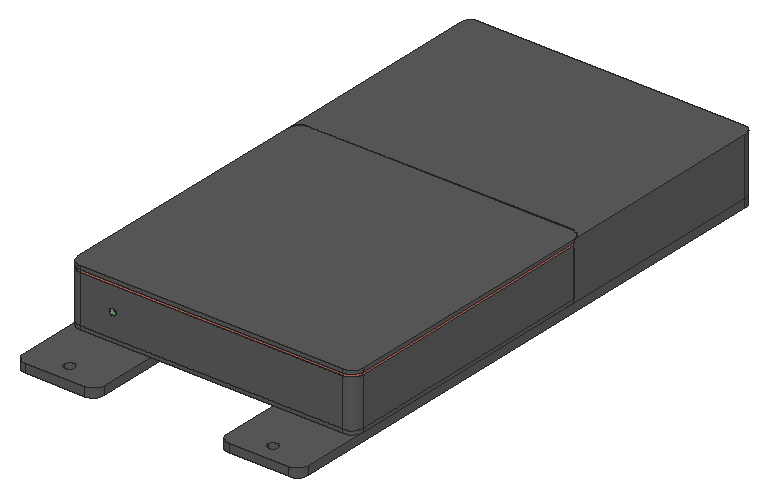
Revit family "Electronics_BYOM-Room-Solution_Biamp_MAX-Connect", category Communication Devices, host Face, Revit 2021
Family settings
  Host = Face
  Maintain Annotation Orientation = No
  Round Connector Dimension = Use Diameter
  Part Type = Normal
  OmniClass Number = 23.85.10.14.21
  OmniClass Title = Presentation Systems
  Cut with Voids When Loaded = No
  Shared = No
  Room Calculation Point = No
Parameters (values of type "MAX Connect")
  Without Mounting Plate [instance] = not(Mounting Plate)  # no
  Wireless Range = "Up to 30ft (10 m)"  # constant formula
  Width = 127 mm  # constant formula
  Weight = 1.20 lbf  # constant formula
  Voltage = 12 V
  Version = 1
  URL = "https://www.biamp.com/"
  Temperature Range = "68-140F (20-60C)"  # constant formula
  Product data url = "https://bimobject.com/biamp/product/max-connect-byom-room-solution"
  Product Page URL = "https://products.biamp.com/product-details/-/o/d/MAX-Connect/ecom-item/911.1972.900"
  Product Documentation Link = "https://use1-admin.rhyl.inforcloudsuite.com/assets/data/WYDZZE4LM6SYVY9T_TST/docs/Biamp_Data_Sheet_ModenaMAXConnect_Jun24_v4_10134.pdf"
  Power Factor = 1
  Number of Poles = 1
  Noise Level = "40–43dB(Background noise< 18db, 1M,mute room)"  # constant formula
  Mounting Plate [instance] = yes
  Mount Height [instance] = if(Mounting Plate, 3.81 mm, if(Without Mounting Plate, 1.27 mm, 0 mm))  # 3.81 mm
  Model = "MAX Connect"  # constant formula
  Maximum Transmit Power = "2.45dBm"  # constant formula
  Max Power Consumption = 7 W
  Manufacturer = "Biamp"  # constant formula
  Humidity = "10%–90 %"  # constant formula
  Housing Material = Biamp - Metal - Black
  Height = 25.4 mm  # constant formula
  Frequency Band = "2.4Ghz"  # constant formula
  Description = "MAX Connect BYOM Room Solution"  # constant formula
  Depth = 127 mm  # constant formula
  Default Elevation = 1219.2 mm
  Date Updated = ""
  Date Created = "2024/08/22"  # constant formula
  Cover [instance] = and(Mounting Plate, Cable Management Cover)  # yes
  Connector Description = "Power connector, 12V, 2A DC"  # constant formula
  Cable Management Cover Note [instance] = if(Mounting Plate, "Available", "Unavailable")  # "Available"
  Cable Management Cover [instance] = yes
  CM visibility [instance] = if(Without Mounting Plate, Cover, not(Cover))  # no
  Apparent Load = Max Power Consumption / Power Factor  # 7 VA
Reference planes
  plane 1 "Center (Front/Back)": y = 0
  plane 2: z = 0
  plane 3 "Center (Left/Right)": x = 0
  plane 4: y = 63.5
  plane 5: x = -63.5
  plane 6: x = 63.5
  plane 7: y = -63.5
  plane 8 "Host": z = 3.81
  plane 9: z = 29.21
Forms (mm)
  Extrusion 1, solid, material "Biamp - Metal - Black" <- "Housing Material", detail levels medium+fine
    sketch origin (0, 0, 3.81) x (-1, 0, 0) y (0, -1, 0)
      loop
        line (63.5, -58.42) -> (63.5, 58.42)
        arc (63.5, 58.42) -> (62.012, 62.012) -> (58.42, 63.5) r 5.08
        line (58.42, 63.5) -> (-58.42, 63.5)
        arc (-58.42, 63.5) -> (-62.012, 62.012) -> (-63.5, 58.42) r 5.08
        line (-63.5, 58.42) -> (-63.5, -58.42)
        arc (-63.5, -58.42) -> (-62.012, -62.012) -> (-58.42, -63.5) r 5.08
        line (-58.42, -63.5) -> (58.42, -63.5)
        arc (58.42, -63.5) -> (62.012, -62.012) -> (63.5, -58.42) r 5.08
    from 0 to 1.601
  Extrusion 2, solid, material "Biamp - Metal - Black" <- "Housing Material", detail levels medium+fine
    sketch origin (0, 0, 3.81) x (-1, 0, 0) y (0, -1, 0)
      loop
        line (63.5, -58.42) -> (63.5, 58.42)
        arc (63.5, 58.42) -> (62.012, 62.012) -> (58.42, 63.5) r 5.08
        line (58.42, 63.5) -> (-58.42, 63.5)
        arc (-58.42, 63.5) -> (-62.012, 62.012) -> (-63.5, 58.42) r 5.08
        line (-63.5, 58.42) -> (-63.5, -58.42)
        arc (-63.5, -58.42) -> (-62.012, -62.012) -> (-58.42, -63.5) r 5.08
        line (-58.42, -63.5) -> (58.42, -63.5)
        arc (58.42, -63.5) -> (62.012, -62.012) -> (63.5, -58.42) r 5.08
    from 24.086 to 25.4
  Extrusion 3, solid, material "Biamp - Plastic - Red", detail levels medium+fine
    sketch origin (0, 0, 3.81) x (-1, 0, 0) y (0, -1, 0)
      loop
        line (63.246, -58.42) -> (63.246, 58.42)
        arc (63.246, 58.42) -> (61.832, 61.832) -> (58.42, 63.246) r 4.826
        line (58.42, 63.246) -> (-58.42, 63.246)
        arc (-58.42, 63.246) -> (-61.832, 61.832) -> (-63.246, 58.42) r 4.826
        line (-63.246, 58.42) -> (-63.246, -58.42)
        arc (-63.246, -58.42) -> (-61.832, -61.832) -> (-58.42, -63.246) r 4.826
        line (-58.42, -63.246) -> (58.42, -63.246)
        arc (58.42, -63.246) -> (61.832, -61.832) -> (63.246, -58.42) r 4.826
    from 22.854 to 24.086
  Extrusion 4, solid, material "Biamp - Metal - Black" <- "Housing Material", detail levels medium+fine
    sketch origin (0, 0, 3.81) x (-1, 0, 0) y (0, -1, 0)
      loop
        line (63.5, -58.42) -> (63.5, 58.42)
        arc (63.5, 58.42) -> (62.012, 62.012) -> (58.42, 63.5) r 5.08
        line (58.42, 63.5) -> (-58.42, 63.5)
        arc (-58.42, 63.5) -> (-62.012, 62.012) -> (-63.5, 58.42) r 5.08
        line (-63.5, 58.42) -> (-63.5, -58.42)
        arc (-63.5, -58.42) -> (-62.012, -62.012) -> (-58.42, -63.5) r 5.08
        line (-58.42, -63.5) -> (58.42, -63.5)
        arc (58.42, -63.5) -> (62.012, -62.012) -> (63.5, -58.42) r 5.08
    from 1.601 to 22.854
  Extrusion 5, void
    sketch origin (0, 0, 0) x (1, 0, 0) y (0, 0, 1)
      loop
        circle (-44.012, 16.032) r 1.512
    from 60.871 to 63.5
  Extrusion 6, solid, material "Biamp - Plastic - Green", detail levels medium+fine
    sketch origin (0, 0, 0) x (1, 0, 0) y (0, 0, 1)
      loop
        circle (-44.015, 16.021) r 1.381
    from 60.871 to 63.5
  Extrusion 7, solid, material "Biamp - Metal - Black" <- "Housing Material", visible <- "Without Mounting Plate", detail levels medium+fine
    sketch origin (0, 0, 3.81) x (-1, 0, 0) y (0, -1, 0)
      loop
        circle (55.203, 48.344) r 5.08
      loop
        circle (55.203, -48.344) r 5.08
      loop
        circle (-55.203, 48.344) r 5.08
      loop
        circle (-55.203, -48.344) r 5.08
    from 0 to -1.27
  Extrusion 8, void
    sketch origin (0, 0, 0) x (1, 0, 0) y (0, 0, 1)
      loop
        circle (46.961, 15.022) r 2.677
      loop
        circle (37.323, 11.823) r 0.913
      loop
        line (10.076, 9.715) -> (10.076, 21.517) -> (4.849, 21.517) -> (4.849, 9.715) -> (10.076, 9.715)
      loop
        line (0.77, 9.715) -> (0.77, 21.517) -> (-4.457, 21.517) -> (-4.457, 9.715) -> (0.77, 9.715)
      loop
        line (-12.769, 24.067) -> (-16.178, 24.067) -> (-16.178, 10.929) -> (-12.769, 10.929) -> (-11.311, 13.011) -> (-11.311, 21.984) -> (-12.769, 24.067)
      loop
        line (-26.125, 24.067) -> (-29.534, 24.067) -> (-29.534, 10.929) -> (-26.125, 10.929) -> (-24.667, 13.011) -> (-24.667, 21.984) -> (-26.125, 24.067)
      loop
        line (-39.561, 13.074) -> (-44.633, 13.074)
        arc (-44.633, 13.074) -> (-46.312, 11.395) -> (-44.633, 9.715) r 1.679
        line (-44.633, 9.715) -> (-39.561, 9.715)
        arc (-39.561, 9.715) -> (-37.882, 11.395) -> (-39.561, 13.074) r 1.679
      loop
        line (29.465, 11.254) -> (29.465, 18.599) -> (26.632, 18.599) -> (26.632, 20.662) -> (20.282, 20.662) -> (20.282, 18.599) -> (17.638, 18.599) -> (17.638, 11.254) -> (29.465, 11.254)
      loop
        circle (-41.989, 17.156) r 0.85
    from -63.5 to -60.394
  Extrusion 9, solid, material "Biamp - Metal - Black" <- "Housing Material", visible <- "Mounting Plate", detail levels medium+fine
    sketch origin (0, 0, 3.81) x (-1, 0, 0) y (0, -1, 0)
      loop
        arc (58.42, -158.75) -> (62.012, -157.262) -> (63.5, -153.67) r 5.08
        line (63.5, -153.67) -> (63.5, 88.903)
        arc (63.5, 88.903) -> (62.013, 92.493) -> (58.423, 93.98) r 5.077
        line (58.423, 93.98) -> (32.195, 93.98)
        arc (32.195, 93.98) -> (28.673, 92.521) -> (27.214, 88.999) r 4.981
        line (27.214, 88.999) -> (27.214, -45.621)
        arc (27.214, -45.621) -> (25.733, -49.198) -> (22.157, -50.679) r 5.058
        line (22.157, -50.679) -> (-22.134, -50.679)
        arc (-22.134, -50.679) -> (-25.726, -49.191) -> (-27.214, -45.599) r 5.08
        line (-27.214, -45.599) -> (-27.214, 88.9)
        arc (-27.214, 88.9) -> (-28.702, 92.492) -> (-32.294, 93.98) r 5.08
        line (-32.294, 93.98) -> (-58.42, 93.98)
        arc (-58.42, 93.98) -> (-62.012, 92.492) -> (-63.5, 88.9) r 5.08
        line (-63.5, 88.9) -> (-63.5, -153.583)
        arc (-63.5, -153.583) -> (-61.987, -157.237) -> (-58.333, -158.75) r 5.167
        line (-58.333, -158.75) -> (58.42, -158.75)
      loop
        circle (45.309, 86.043) r 2.357
      loop
        circle (-45.309, 86.043) r 2.357
    from 0 to -3.81
  Extrusion 10, solid, material "Biamp - Metal - Black" <- "Housing Material", visible <- "Cover", detail levels medium+fine
    sketch origin (0, 0, 3.81) x (-1, 0, 0) y (0, -1, 0)
      loop
        line (-58.333, -158.75) -> (58.42, -158.75)
        arc (58.42, -158.75) -> (62.012, -157.262) -> (63.5, -153.67) r 5.08
        line (63.5, -153.67) -> (63.5, -58.42)
        arc (63.5, -58.42) -> (62.012, -62.012) -> (58.42, -63.5) r 5.08
        line (58.42, -63.5) -> (-58.333, -63.5)
        arc (-58.333, -63.5) -> (-61.987, -61.987) -> (-63.5, -58.333) r 5.167
        line (-63.5, -58.333) -> (-63.5, -153.583)
        arc (-63.5, -153.583) -> (-61.987, -157.237) -> (-58.333, -158.75) r 5.167
    from 0 to 25.4
  Extrusion 11, solid, material "Biamp - Metal - Black" <- "Housing Material", detail levels coarse
    sketch origin (0, 0, 3.81) x (-1, 0, 0) y (0, -1, 0)
      loop
        line (63.5, -63.5) -> (63.5, 63.5) -> (-63.5, 63.5) -> (-63.5, -63.5) -> (63.5, -63.5)
    from 0 to 25.4
  Extrusion 12, solid, material "Biamp - Metal - Black" <- "Housing Material", visible <- "Cover", detail levels coarse
    sketch origin (0, 0, 3.81) x (-1, 0, 0) y (0, -1, 0)
      loop
        line (-63.5, -158.75) -> (63.5, -158.75) -> (63.5, -63.5) -> (-63.5, -63.5) -> (-63.5, -158.75)
    from 0 to 25.4
  Extrusion 13, solid, material "Biamp - Metal - Black" <- "Housing Material", visible <- "Mounting Plate", detail levels coarse
    sketch origin (0, 0, 3.81) x (-1, 0, 0) y (0, -1, 0)
      loop
        line (-63.5, -158.75) -> (63.5, -158.75) -> (63.5, 93.98) -> (27.214, 93.98) -> (27.214, -50.679) -> (-27.214, -50.679) -> (-27.214, 93.98) -> (-63.5, 93.98) -> (-63.5, -158.75)
    from 0 to -3.81
  Extrusion 14, solid, material "Biamp - Metal - Black" <- "Housing Material", visible <- "Without Mounting Plate", detail levels coarse
    sketch origin (0, 0, 3.81) x (-1, 0, 0) y (0, -1, 0)
      loop
        circle (55.203, 48.344) r 5.08
      loop
        circle (55.203, -48.344) r 5.08
      loop
        circle (-55.203, 48.344) r 5.08
      loop
        circle (-55.203, -48.344) r 5.08
    from 0 to -1.27
  Extrusion 15, solid, material "Biamp - Metal - Black" <- "Housing Material", visible <- "Mounting Plate", detail levels medium+fine
    sketch origin (0, 0, 3.81) x (-1, 0, 0) y (0, -1, 0)
      loop
        line (-57.457, -131.25) -> (-57.457, -158.75) -> (57.543, -158.75) -> (57.543, -131.25) -> (-57.457, -131.25)
    from 0 to 10
  Extrusion 16, solid, material "Biamp - Metal - Black" <- "Housing Material", visible <- "Mounting Plate", detail levels medium+fine
    sketch origin (0, 0, 0) x (1, 0, 0) y (0, 1, 0)
      loop
        line (-26.844, 132.694) -> (-26.844, 135.895) -> (-34.64, 135.895) -> (-34.64, 132.694) -> (-26.844, 132.694)
      loop
        line (-16.257, 132.694) -> (-16.257, 139.998) -> (-21.257, 139.998) -> (-21.257, 132.694) -> (-16.257, 132.694)
      loop
        line (-5.506, 132.694) -> (-5.506, 135.895) -> (-10.266, 135.895) -> (-10.266, 132.694) -> (-5.506, 132.694)
      loop
        line (3.932, 132.694) -> (3.932, 139.998) -> (-0.418, 139.998) -> (-0.418, 132.694) -> (3.932, 132.694)
      loop
        line (14.272, 132.694) -> (14.272, 135.895) -> (8.445, 135.895) -> (8.445, 132.694) -> (14.272, 132.694)
      loop
        line (28.224, 132.694) -> (44.555, 132.694) -> (44.555, 135.895) -> (28.224, 135.895) -> (28.224, 132.694)
      loop
        line (49.561, 153.457) -> (49.561, 157.971) -> (44.555, 157.971) -> (44.555, 153.457) -> (49.561, 153.457)
      loop
        line (23.546, 153.457) -> (23.546, 157.971) -> (17.227, 157.971) -> (17.227, 153.457) -> (23.546, 153.457)
      loop
        line (9.266, 153.457) -> (9.266, 157.971) -> (-6.819, 157.971) -> (-6.819, 153.457) -> (9.266, 153.457)
      loop
        line (-11.497, 153.457) -> (-11.497, 157.971) -> (-18.144, 157.971) -> (-18.144, 153.457) -> (-11.497, 153.457)
      loop
        line (-27.993, 153.457) -> (-27.993, 157.971) -> (-34.64, 157.971) -> (-34.64, 153.457) -> (-27.993, 153.457)
      loop
        line (-56.306, 132.694) -> (-46.376, 132.694) -> (-46.376, 135.895) -> (-56.306, 135.895) -> (-56.306, 132.694)
    from 13.81 to 20
  Extrusion 17, void
    sketch origin (58.333, 158.75, 3.81) x (1, 0, 0) y (0, 0, 1)
      loop
        line (-115.877, 0) -> (-0.877, 0) -> (-0.877, 22.642) -> (-55.675, 22.642) -> (-115.877, 22.642) -> (-115.877, 0)
    from 0 to 95.25
  Extrusion 18, solid, material "Biamp - Metal - Black" <- "Housing Material", visible <- "Cover", detail levels medium+fine
    sketch origin (-58.42, 158.75, 3.81) x (1, 0, 0) y (0, 0, -1)
      loop
        line (58.317, -22.642) -> (61.391, -22.642) -> (61.391, -10) -> (58.317, -10) -> (58.317, -22.642)
    from -0.779 to 0
  Extrusion 19, solid, material "Biamp - Metal - Black" <- "Housing Material", visible <- "Mounting Plate", detail levels coarse
    sketch origin (0, 0, 3.81) x (-1, 0, 0) y (0, -1, 0)
      loop
        line (-57.457, -131.25) -> (-57.457, -158.75) -> (57.543, -158.75) -> (57.543, -131.25) -> (-57.457, -131.25)
    from 0 to 16.2
Cuts and joins
  Extrusion 5, Extrusion 8 cuts Extrusion 4
  Extrusion 17 cuts Extrusion 9
  joined: Extrusion 9, Extrusion 15
  Extrusion 17 cuts Extrusion 10
  joined: Extrusion 10, Extrusion 18
  Extrusion 17 cuts Extrusion 12
  Extrusion 17 cuts Extrusion 13
Lines and regions (mm)
  Masking region 1, detail levels medium+fine
    outline origin (0, 0, 3.81) x (-1, 0, 0) y (0, -1, 0)
      loop
        line (63.5, -58.42) -> (63.5, 58.42)
        arc (63.5, 58.42) -> (62.012, 62.012) -> (58.42, 63.5) r 5.08
        line (58.42, 63.5) -> (-58.42, 63.5)
        arc (-58.42, 63.5) -> (-62.012, 62.012) -> (-63.5, 58.42) r 5.08
        line (-63.5, 58.42) -> (-63.5, -58.333)
        arc (-63.5, -58.333) -> (-61.987, -61.987) -> (-58.333, -63.5) r 5.167
        line (-58.333, -63.5) -> (58.42, -63.5)
        arc (58.42, -63.5) -> (62.012, -62.012) -> (63.5, -58.42) r 5.08
  Masking region 2, detail levels coarse
    outline origin (0, 0, 3.81) x (-1, 0, 0) y (0, -1, 0)
      loop
        line (63.5, 63.5) -> (-63.5, 63.5) -> (-63.5, -63.5) -> (63.5, -63.5) -> (63.5, 63.5)
  Masking region 3, visible <- "Mounting Plate", detail levels coarse
    outline origin (0, 0, 3.81) x (-1, 0, 0) y (0, -1, 0)
      loop
        line (63.5, -158.75) -> (63.5, -63.5) -> (-63.5, -63.5) -> (-63.5, -158.75) -> (63.5, -158.75)
      loop
        line (63.5, 63.5) -> (63.5, 93.98) -> (27.214, 93.98) -> (27.214, 63.5) -> (63.5, 63.5)
      loop
        line (-27.214, 93.98) -> (-63.5, 93.98) -> (-63.5, 63.5) -> (-27.214, 63.5) -> (-27.214, 93.98)
  Masking region 4, visible <- "Mounting Plate", detail levels medium+fine
    outline origin (0, 0, 3.81) x (-1, 0, 0) y (0, -1, 0)
      loop
        arc (58.42, -158.75) -> (62.012, -157.262) -> (63.5, -153.67) r 5.08
        line (63.5, -153.67) -> (63.5, -58.42)
        arc (63.5, -58.42) -> (62.012, -62.012) -> (58.42, -63.5) r 5.08
        line (58.42, -63.5) -> (-58.333, -63.5)
        arc (-58.333, -63.5) -> (-61.987, -61.987) -> (-63.5, -58.333) r 5.167
        line (-63.5, -58.333) -> (-63.5, -153.583)
        arc (-63.5, -153.583) -> (-61.987, -157.237) -> (-58.333, -158.75) r 5.167
        line (-58.333, -158.75) -> (58.42, -158.75)
      loop
        arc (63.5, 88.903) -> (62.013, 92.493) -> (58.423, 93.98) r 5.077
        line (58.423, 93.98) -> (32.195, 93.98)
        arc (32.195, 93.98) -> (28.673, 92.521) -> (27.214, 88.999) r 4.981
        line (27.214, 88.999) -> (27.214, 63.5) -> (58.42, 63.5)
        arc (58.42, 63.5) -> (62.012, 62.012) -> (63.5, 58.42) r 5.08
        line (63.5, 58.42) -> (63.5, 88.903)
      loop
        line (-27.214, 63.5) -> (-27.214, 88.9)
        arc (-27.214, 88.9) -> (-28.702, 92.492) -> (-32.294, 93.98) r 5.08
        line (-32.294, 93.98) -> (-58.42, 93.98)
        arc (-58.42, 93.98) -> (-62.012, 92.492) -> (-63.5, 88.9) r 5.08
        line (-63.5, 88.9) -> (-63.5, 58.42)
        arc (-63.5, 58.42) -> (-62.012, 62.012) -> (-58.42, 63.5) r 5.08
        line (-58.42, 63.5) -> (-27.214, 63.5)
  Masking region 5
    outline origin (0, 0, 0) x (1, 0, 0) y (0, 0, 1)
      loop
        line (-63.5, 29.21) -> (-63.5, 3.81) -> (63.5, 3.81) -> (63.5, 29.21) -> (-63.5, 29.21)
  Masking region 6, visible <- "Mounting Plate"
    outline origin (0, 0, 0) x (1, 0, 0) y (0, 0, 1)
      loop
        line (-63.5, 3.81) -> (-63.5, 0) -> (63.5, 0) -> (63.5, 3.81) -> (-63.5, 3.81)
  Masking region 7, visible <- "Without Mounting Plate"
    outline origin (0, 0, 0) x (1, 0, 0) y (0, 0, 1)
      loop
        line (-60.283, 3.81) -> (-60.283, 2.54) -> (-50.123, 2.54) -> (-50.123, 3.81) -> (-60.283, 3.81)
      loop
        line (50.123, 3.81) -> (50.123, 2.54) -> (60.283, 2.54) -> (60.283, 3.81) -> (50.123, 3.81)
  model lines, style "White Line", detail levels medium+fine
    curve 1: arc (-44.474, -63.5, 12.252) -> (-43.939, -63.5, 10.446) -> (-43.595, -63.5, 12.297) r 0.968
    curve 2: line (-44.024, -63.5, 12.701) -> (-44.024, -63.5, 11.738)
  symbolic lines, visible <- "CM visibility", detail levels medium+fine
    curve 3: line (-63.5, 0, 27.896) -> (63.5, 0, 27.896)
    curve 4: line (63.5, 0, 26.664) -> (-63.5, 0, 26.664)
    curve 5: line (-63.5, 0, 5.411) -> (-57.543, 0, 5.411)
    curve 8: line (-56.306, 135.895, 3.81) -> (-46.376, 135.895, 3.81)
    curve 9: line (-56.306, 132.694, 3.81) -> (-56.306, 135.895, 3.81)
    curve 10: line (-46.376, 132.694, 3.81) -> (-56.306, 132.694, 3.81)
    curve 11: line (-46.376, 135.895, 3.81) -> (-46.376, 132.694, 3.81)
    curve 12: line (-34.64, 135.895, 3.81) -> (-26.844, 135.895, 3.81)
    curve 13: line (-34.64, 132.694, 3.81) -> (-34.64, 135.895, 3.81)
    curve 14: line (-26.844, 132.694, 3.81) -> (-34.64, 132.694, 3.81)
    curve 15: line (-26.844, 135.895, 3.81) -> (-26.844, 132.694, 3.81)
    curve 16: line (-34.64, 157.971, 3.81) -> (-27.993, 157.971, 3.81)
    curve 17: line (-34.64, 153.457, 3.81) -> (-34.64, 157.971, 3.81)
    curve 18: line (-27.993, 153.457, 3.81) -> (-34.64, 153.457, 3.81)
    curve 19: line (-27.993, 157.971, 3.81) -> (-27.993, 153.457, 3.81)
    curve 20: line (-18.144, 157.971, 3.81) -> (-11.497, 157.971, 3.81)
    curve 21: line (-18.144, 153.457, 3.81) -> (-18.144, 157.971, 3.81)
    curve 22: line (-11.497, 153.457, 3.81) -> (-18.144, 153.457, 3.81)
    curve 23: line (-11.497, 157.971, 3.81) -> (-11.497, 153.457, 3.81)
    curve 24: line (-21.257, 139.998, 3.81) -> (-16.257, 139.998, 3.81)
    curve 25: line (-21.257, 132.694, 3.81) -> (-21.257, 139.998, 3.81)
    curve 26: line (-16.257, 132.694, 3.81) -> (-21.257, 132.694, 3.81)
    curve 27: line (-16.257, 139.998, 3.81) -> (-16.257, 132.694, 3.81)
    curve 28: line (-10.266, 135.895, 3.81) -> (-5.506, 135.895, 3.81)
    curve 29: line (-10.266, 132.694, 3.81) -> (-10.266, 135.895, 3.81)
    curve 30: line (-5.506, 132.694, 3.81) -> (-10.266, 132.694, 3.81)
    curve 31: line (-5.506, 135.895, 3.81) -> (-5.506, 132.694, 3.81)
    curve 32: line (-6.819, 157.971, 3.81) -> (9.266, 157.971, 3.81)
    curve 33: line (-6.819, 153.457, 3.81) -> (-6.819, 157.971, 3.81)
    curve 34: line (9.266, 153.457, 3.81) -> (-6.819, 153.457, 3.81)
    curve 35: line (9.266, 157.971, 3.81) -> (9.266, 153.457, 3.81)
    curve 36: line (-0.418, 139.998, 3.81) -> (3.932, 139.998, 3.81)
    curve 37: line (-0.418, 132.694, 3.81) -> (-0.418, 139.998, 3.81)
    curve 38: line (3.932, 132.694, 3.81) -> (-0.418, 132.694, 3.81)
    curve 39: line (3.932, 139.998, 3.81) -> (3.932, 132.694, 3.81)
    curve 40: line (8.445, 135.895, 3.81) -> (14.272, 135.895, 3.81)
    curve 41: line (8.445, 132.694, 3.81) -> (8.445, 135.895, 3.81)
    curve 42: line (14.272, 132.694, 3.81) -> (8.445, 132.694, 3.81)
    curve 43: line (14.272, 135.895, 3.81) -> (14.272, 132.694, 3.81)
    curve 44: line (17.227, 157.971, 3.81) -> (23.546, 157.971, 3.81)
    curve 45: line (17.227, 153.457, 3.81) -> (17.227, 157.971, 3.81)
    curve 46: line (23.546, 153.457, 3.81) -> (17.227, 153.457, 3.81)
    curve 47: line (23.546, 157.971, 3.81) -> (23.546, 153.457, 3.81)
    curve 48: line (44.555, 157.971, 3.81) -> (49.561, 157.971, 3.81)
    curve 49: line (44.555, 153.457, 3.81) -> (44.555, 157.971, 3.81)
    curve 50: line (49.561, 153.457, 3.81) -> (44.555, 153.457, 3.81)
    curve 51: line (49.561, 157.971, 3.81) -> (49.561, 153.457, 3.81)
    curve 52: line (28.224, 135.895, 3.81) -> (44.555, 135.895, 3.81)
    curve 53: line (28.224, 132.694, 3.81) -> (28.224, 135.895, 3.81)
    curve 54: line (44.555, 132.694, 3.81) -> (28.224, 132.694, 3.81)
    curve 55: line (44.555, 135.895, 3.81) -> (44.555, 132.694, 3.81)
    curve 62: line (49.561, 0, 20) -> (28.224, 0, 20)
    curve 63: line (49.561, 0, 13.81) -> (49.561, 0, 20)
    curve 64: line (28.224, 0, 20) -> (28.224, 0, 13.81)
    curve 65: line (23.546, 0, 20) -> (17.227, 0, 20)
    curve 66: line (23.546, 0, 13.81) -> (23.546, 0, 20)
    curve 67: line (17.227, 0, 20) -> (17.227, 0, 13.81)
    curve 68: line (14.272, 0, 20) -> (-10.266, 0, 20)
    curve 69: line (14.272, 0, 13.81) -> (14.272, 0, 20)
    curve 70: line (-10.266, 0, 20) -> (-10.266, 0, 13.81)
    curve 71: line (-11.497, 0, 20) -> (-21.257, 0, 20)
    curve 72: line (-11.497, 0, 13.81) -> (-11.497, 0, 20)
    curve 73: line (-21.257, 0, 20) -> (-21.257, 0, 13.81)
    curve 74: line (-26.844, 0, 20) -> (-34.64, 0, 20)
    curve 75: line (-26.844, 0, 13.81) -> (-26.844, 0, 20)
    curve 76: line (-34.64, 0, 20) -> (-34.64, 0, 13.81)
    curve 77: line (-46.376, 0, 20) -> (-56.306, 0, 20)
    curve 78: line (-46.376, 0, 13.81) -> (-46.376, 0, 20)
    curve 79: line (-56.306, 0, 20) -> (-56.306, 0, 13.81)
    curve 80: line (57.457, 0, 3.81) -> (57.457, 0, 13.81)
    curve 81: line (57.457, 0, 13.81) -> (-57.543, 0, 13.81)
    curve 82: line (-57.543, 0, 13.81) -> (-57.543, 0, 3.81)
    curve 83: line (57.457, 0, 5.411) -> (63.5, 0, 5.411)
  symbolic lines, visible <- "Mounting Plate"
    curve 6: line (-27.214, 0, 3.81) -> (-27.214, 0, 0)
    curve 7: line (27.214, 0, 3.81) -> (27.214, 0, 0)
  symbolic lines, visible <- "CM visibility"
    curve 56: line (57.5, 131.25, 3.81) -> (-57.5, 131.25, 3.81)
    curve 57: line (-57.5, 131.25, 3.81) -> (-57.5, 158.75, 3.81)
    curve 58: line (57.5, 131.25, 3.81) -> (57.5, 158.75, 3.81)
  symbolic lines, visible <- "CM visibility", detail levels coarse
    curve 59: line (57.5, 131.25, 3.81) -> (-57.5, 131.25, 3.81)
    curve 60: line (-57.5, 131.25, 3.81) -> (-57.5, 158.75, 3.81)
    curve 61: line (57.5, 131.25, 3.81) -> (57.5, 158.75, 3.81)
    curve 112: line (57.457, 0, 19.81) -> (57.457, 0, 3.81)
    curve 113: line (-57.543, 0, 19.81) -> (-57.543, 0, 3.81)
  symbolic lines, visible <- "Cover"
    curve 84: line (57.457, 0, 3.81) -> (57.457, 0, 26.546)
    curve 86: line (-57.543, 0, 26.546) -> (-57.543, 0, 3.81)
  symbolic lines, visible <- "Cover", detail levels medium+fine
    curve 85: line (57.457, 0, 26.546) -> (1.641, 0, 26.546)
    curve 87: line (57.457, 0, 13.748) -> (-57.543, 0, 13.748)
    curve 88: line (49.307, 0, 20) -> (27.969, 0, 20)
    curve 89: line (49.307, 0, 13.81) -> (49.307, 0, 20)
    curve 90: line (27.969, 0, 20) -> (27.969, 0, 13.81)
    curve 91: line (23.291, 0, 20) -> (16.972, 0, 20)
    curve 92: line (23.291, 0, 13.81) -> (23.291, 0, 20)
    curve 93: line (16.972, 0, 20) -> (16.972, 0, 13.81)
    curve 94: line (14.018, 0, 20) -> (1.641, 0, 20)
    curve 95: line (14.018, 0, 13.81) -> (14.018, 0, 20)
    curve 96: line (-10.521, 0, 20) -> (-10.521, 0, 13.81)
    curve 97: line (-11.752, 0, 20) -> (-21.511, 0, 20)
    curve 98: line (-11.752, 0, 13.81) -> (-11.752, 0, 20)
    curve 99: line (-21.511, 0, 20) -> (-21.511, 0, 13.81)
    curve 100: line (-27.098, 0, 20) -> (-34.895, 0, 20)
    curve 101: line (-27.098, 0, 13.81) -> (-27.098, 0, 20)
    curve 102: line (-34.895, 0, 20) -> (-34.895, 0, 13.81)
    curve 103: line (-46.63, 0, 20) -> (-56.56, 0, 20)
    curve 104: line (-46.63, 0, 13.81) -> (-46.63, 0, 20)
    curve 105: line (-56.56, 0, 20) -> (-56.56, 0, 13.81)
    curve 106: line (1.641, 0, 13.748) -> (1.641, 0, 26.546)
    curve 107: line (-1.641, 0, 13.748) -> (-1.641, 0, 26.546)
    curve 108: line (-1.641, 0, 20) -> (-10.521, 0, 20)
    curve 109: line (-1.641, 0, 26.546) -> (-57.543, 0, 26.546)
  symbolic lines, visible <- "Cover", detail levels coarse
    curve 110: line (57.457, 0, 26.546) -> (-57.543, 0, 26.546)
  symbolic lines, visible <- "Mounting Plate", detail levels coarse
    curve 111: line (57.457, 0, 19.81) -> (-57.543, 0, 19.81)
Dimensions and locks
  equal spacing: plane 7, plane 1 "Center (Front/Back)", plane 4
  equal spacing: plane 5, plane 3 "Center (Left/Right)", plane 6
  "Width": plane 5 to plane 6
  "Depth": plane 4 to plane 7
  "Height": plane 9 to plane 8 "Host"
  "Mount Height": plane 8 "Host" to level
  locked: Extrusion 5 sketch curve to plane 5 at 19.488
  locked: Extrusion 5 sketch curve to plane 8 "Host" at 12.222
  locked: Extrusion 6 sketch curve to plane 8 "Host" at 12.211
  locked: Extrusion 6 sketch curve to plane 5 at 19.485
  plane 8 "Host" to Extrusion 8 sketch curve to Extrusion 8 sketch curve to Extrusion 8 sketch curve to Extrusion 8 sketch curve to Extrusion 8 sketch curve to Extrusion 8 sketch curve to Extrusion 8 sketch curve to Extrusion 8 sketch curve to Extrusion 8 sketch curve to Extrusion 8 sketch curve to Extrusion 8 sketch curve to Extrusion 8 sketch curve to Extrusion 8 sketch curve to Extrusion 8 sketch curve to Extrusion 8 sketch curve to Extrusion 8 sketch curve = 5.905 mm locked, 0 mm locked, 1.213 mm locked, 0 mm locked, 0 mm locked, 0 mm locked, 2.083 mm locked, 0 mm locked, 0.063 mm locked, 0 mm locked, 8.91 mm locked, 0 mm locked, 2.083 mm locked, 0 mm locked, 0 mm locked, 0 mm locked
  plane 8 "Host" to Extrusion 8 sketch curve to Extrusion 8 sketch curve to Extrusion 8 sketch curve to Extrusion 8 sketch curve to Extrusion 8 sketch curve to Extrusion 8 sketch curve to Extrusion 8 sketch curve to Extrusion 8 sketch curve to Extrusion 8 sketch curve to Extrusion 8 sketch curve to Extrusion 8 sketch curve to Extrusion 8 sketch curve to Extrusion 8 sketch curve to Extrusion 8 sketch curve to Extrusion 8 sketch curve to Extrusion 8 sketch curve = 5.905 mm locked, 0 mm locked, 0 mm locked, 0 mm locked, 1.539 mm locked, 0 mm locked, 7.345 mm locked, 0 mm locked, 0 mm locked, 0 mm locked, 2.063 mm locked, 0 mm locked, 0.855 mm locked, 0 mm locked, 0 mm locked, 0 mm locked
  plane 8 "Host" to Extrusion 8 sketch curve to Extrusion 8 sketch curve = 8.013 mm locked, 3.199 mm locked
  Extrusion 9 sketch curve to Extrusion 9 sketch curve to Extrusion 9 sketch curve to Extrusion 9 sketch curve to plane 4 to Extrusion 9 sketch curve to Extrusion 9 sketch curve to Extrusion 9 sketch curve to Extrusion 9 sketch curve = 0 mm locked, 5.08 mm locked, 0.087 mm locked, 90.083 mm locked, 12.821 mm locked, 0 mm locked, 5.058 mm locked, 0.022 mm locked
  plane 8 "Host" to Extrusion 13 to Extrusion 9 = 3.81 mm locked, 0 mm locked
  plane 8 "Host" to Extrusion 14 to Extrusion 7 = 1.27 mm locked, 0 mm locked
  plane 8 "Host" to Masking region 7 sketch curve to Masking region 7 sketch curve to Masking region 7 sketch curve to Masking region 7 sketch curve = 1.27 mm locked, 0 mm locked, 0 mm locked, 0 mm locked
  plane 8 "Host" to Masking region 6 sketch curve to Masking region 6 sketch curve = 3.81 mm locked, 0 mm locked
  aligned and locked: plane 2 to host face
  aligned and locked: level to host face
  aligned and locked: Extrusion 1 sketch curve to plane 7
  aligned and locked: Extrusion 1 sketch curve to plane 4
  aligned and locked: Extrusion 1 sketch curve to plane 6
  aligned and locked: Extrusion 1 sketch curve to plane 5
  aligned and locked: Extrusion 11 sketch curve to plane 7
  aligned and locked: Extrusion 11 sketch curve to plane 6
  aligned and locked: Extrusion 11 sketch curve to plane 5
  aligned and locked: Extrusion 11 sketch curve to plane 4
  aligned and locked: Masking region 2 sketch curve to plane 7
  aligned and locked: plane 4 to Masking region 2 sketch curve
  aligned and locked: Masking region 2 sketch curve to plane 5
  aligned and locked: plane 6 to Masking region 2 sketch curve
  aligned and locked: plane 8 "Host" to Masking region 5 sketch curve
  aligned and locked: Masking region 5 sketch curve to plane 9
  aligned and locked: plane 5 to Masking region 5 sketch curve
  aligned and locked: Masking region 5 sketch curve to plane 6
  aligned and locked: Masking region 7 sketch curve to plane 8 "Host"  (x2)
  aligned and locked: Masking region 6 sketch curve to plane 8 "Host"
Automatic sketch dimensions
  host sketch curve to host sketch curve = 2438.4 mm  (x2)
  Extrusion 1 sketch curve to Extrusion 1 sketch curve = 5.08 mm
  Extrusion 1 sketch curve to plane 6 = 5.08 mm
  plane 5 to Extrusion 1 sketch curve = 5.08 mm  (x2)
  Extrusion 2 sketch curve to plane 6 = 0 mm
  Extrusion 2 sketch curve to plane 4 = 0 mm
  Extrusion 2 sketch curve to plane 7 = 0 mm
  Extrusion 2 sketch curve to plane 5 = 0 mm
  Extrusion 2 sketch curve to Extrusion 2 sketch curve = 5.08 mm
  Extrusion 2 sketch curve to plane 6 = 5.08 mm
  plane 5 to Extrusion 2 sketch curve = 5.08 mm  (x2)
  Extrusion 3 sketch curve to plane 6 = 0.254 mm
  plane 7 to Extrusion 3 sketch curve = 0.254 mm
  Extrusion 3 sketch curve to plane 6 = 5.08 mm  (x2)
  Extrusion 3 sketch curve to plane 4 = 0.254 mm
  plane 5 to Extrusion 3 sketch curve = 5.08 mm  (x2)
  plane 5 to Extrusion 3 sketch curve = 0.254 mm
  Extrusion 4 sketch curve to plane 6 = 0 mm
  Extrusion 4 sketch curve to plane 4 = 0 mm
  Extrusion 4 sketch curve to plane 7 = 0 mm
  Extrusion 4 sketch curve to plane 5 = 0 mm
  Extrusion 4 sketch curve to Extrusion 4 sketch curve = 5.08 mm
  Extrusion 4 sketch curve to plane 6 = 5.08 mm
  plane 5 to Extrusion 4 sketch curve = 5.08 mm  (x2)
  Extrusion 7 sketch curve to plane 6 = 8.297 mm  (x2)
  plane 5 to Extrusion 7 sketch curve = 8.297 mm  (x2)
  Extrusion 7 sketch curve to plane 4 = 15.156 mm  (x2)
  plane 7 to Extrusion 7 sketch curve = 15.156 mm  (x2)
  Extrusion 9 sketch curve to plane 6 = 0 mm
  Extrusion 9 sketch curve to plane 5 = 0 mm
  Extrusion 9 sketch curve to Extrusion 9 sketch curve = 5.08 mm  (x2)
  Extrusion 9 sketch curve to Extrusion 9 sketch curve = 13.111 mm
  Extrusion 9 sketch curve to Extrusion 9 sketch curve = 13.015 mm
  Extrusion 9 sketch curve to plane 3 "Center (Left/Right)" = 22.157 mm
  Extrusion 9 sketch curve to Extrusion 9 sketch curve = 4.981 mm
  Extrusion 9 sketch curve to Extrusion 9 sketch curve = 13.114 mm
  plane 5 to Extrusion 9 sketch curve = 5.077 mm
  Extrusion 9 sketch curve to plane 7 = 22.542 mm  (x2)
  Extrusion 9 sketch curve to Extrusion 9 sketch curve = 2.858 mm
  Extrusion 9 sketch curve to Extrusion 9 sketch curve = 2.861 mm
  Extrusion 10 sketch curve to plane 6 = 0 mm  (x2)
  Extrusion 10 sketch curve to plane 4 = 0 mm
  Extrusion 10 sketch curve to plane 5 = 0 mm  (x2)
  Extrusion 10 sketch curve to Extrusion 10 sketch curve = 5.167 mm  (x2)
  plane 5 to Extrusion 10 sketch curve = 5.08 mm  (x2)
  plane 4 to Extrusion 10 sketch curve = 90.083 mm
  Extrusion 10 sketch curve to Extrusion 10 sketch curve = 0 mm  (x2)
  Extrusion 12 sketch curve to plane 4 = 0 mm
  Extrusion 12 sketch curve to plane 6 = 0 mm
  Extrusion 12 sketch curve to plane 5 = 0 mm
  Extrusion 12 sketch curve to Extrusion 12 sketch curve = 95.25 mm
  Extrusion 13 sketch curve to plane 6 = 0 mm
  Extrusion 13 sketch curve to plane 5 = 0 mm
  plane 3 "Center (Left/Right)" to Extrusion 13 sketch curve = 27.214 mm
  Extrusion 13 sketch curve to plane 4 = 12.821 mm
  Extrusion 13 sketch curve to plane 3 "Center (Left/Right)" = 27.214 mm
  plane 4 to Extrusion 13 sketch curve = 95.25 mm
  Extrusion 13 sketch curve to plane 7 = 30.48 mm  (x2)
  Extrusion 14 sketch curve to plane 6 = 8.297 mm  (x2)
  plane 5 to Extrusion 14 sketch curve = 8.297 mm  (x2)
  Extrusion 14 sketch curve to plane 4 = 15.156 mm  (x2)
  plane 7 to Extrusion 14 sketch curve = 15.156 mm  (x2)
  Masking region 1 sketch curve to plane 6 = 0 mm
  Masking region 1 sketch curve to plane 7 = 0 mm
  Masking region 1 sketch curve to plane 4 = 0 mm
  Masking region 1 sketch curve to plane 5 = 0 mm
  Masking region 1 sketch curve to plane 6 = 5.08 mm
  Masking region 1 sketch curve to plane 6 = 5.167 mm
  plane 5 to Masking region 1 sketch curve = 5.08 mm
  Masking region 1 sketch curve to Masking region 1 sketch curve = 5.08 mm
  Masking region 3 sketch curve to plane 6 = 0 mm  (x2)
  Masking region 3 sketch curve to plane 7 = 0 mm  (x2)
  Masking region 3 sketch curve to plane 5 = 0 mm  (x2)
  Masking region 3 sketch curve to plane 4 = 0 mm
  plane 3 "Center (Left/Right)" to Masking region 3 sketch curve = 27.214 mm
  Masking region 3 sketch curve to plane 3 "Center (Left/Right)" = 27.214 mm
  plane 4 to Masking region 3 sketch curve = 95.25 mm
  Masking region 3 sketch curve to plane 7 = 30.48 mm  (x2)
  Masking region 4 sketch curve to plane 6 = 0 mm  (x4)
  Masking region 4 sketch curve to plane 7 = 0 mm  (x2)
  Masking region 4 sketch curve to plane 4 = 0 mm
  Masking region 4 sketch curve to plane 5 = 0 mm  (x4)
  Masking region 4 sketch curve to Masking region 4 sketch curve = 5.08 mm  (x4)
  Masking region 4 sketch curve to Masking region 4 sketch curve = 5.167 mm
  Masking region 4 sketch curve to plane 6 = 5.167 mm
  Masking region 4 sketch curve to Masking region 4 sketch curve = 26.126 mm
  Masking region 4 sketch curve to plane 3 "Center (Left/Right)" = 27.214 mm
  Masking region 4 sketch curve to Masking region 4 sketch curve = 4.981 mm
  plane 5 to Masking region 4 sketch curve = 5.08 mm  (x2)
  plane 5 to Masking region 4 sketch curve = 5.077 mm
  Masking region 4 sketch curve to Masking region 4 sketch curve = 90.083 mm
  Masking region 4 sketch curve to plane 7 = 25.4 mm
  Masking region 4 sketch curve to plane 7 = 25.403 mm
  Masking region 4 sketch curve to Masking region 4 sketch curve = 0 mm  (x7)
  Masking region 6 sketch curve to plane 5 = 0 mm
  Masking region 6 sketch curve to plane 6 = 0 mm
  plane 5 to Masking region 7 sketch curve = 3.217 mm
  Masking region 7 sketch curve to Masking region 7 sketch curve = 10.16 mm
  Masking region 7 sketch curve to plane 6 = 13.377 mm
  Masking region 7 sketch curve to plane 6 = 3.217 mm
  Extrusion 15 sketch curve to plane 6 = 6.043 mm
  plane 5 to Extrusion 15 sketch curve = 5.957 mm
  plane 4 to Extrusion 15 sketch curve = 95.25 mm
  Extrusion 15 sketch curve to Extrusion 15 sketch curve = 27.5 mm
  plane 5 to Extrusion 16 sketch curve = 7.194 mm
  Extrusion 16 sketch curve to Extrusion 16 sketch curve = 9.93 mm
  Extrusion 16 sketch curve to Extrusion 16 sketch curve = 11.736 mm
  Extrusion 16 sketch curve to Extrusion 16 sketch curve = 0 mm  (x9)
  Extrusion 16 sketch curve to Extrusion 16 sketch curve = 6.647 mm  (x2)
  Extrusion 16 sketch curve to Extrusion 16 sketch curve = 7.796 mm
  Extrusion 16 sketch curve to Extrusion 16 sketch curve = 5.587 mm
  Extrusion 16 sketch curve to Extrusion 16 sketch curve = 9.848 mm
  Extrusion 16 sketch curve to Extrusion 16 sketch curve = 5 mm
  Extrusion 16 sketch curve to Extrusion 16 sketch curve = 5.991 mm
  Extrusion 16 sketch curve to Extrusion 16 sketch curve = 4.678 mm
  Extrusion 16 sketch curve to Extrusion 16 sketch curve = 4.76 mm
  Extrusion 16 sketch curve to plane 3 "Center (Left/Right)" = 0.418 mm
  plane 3 "Center (Left/Right)" to Extrusion 16 sketch curve = 3.932 mm
  Extrusion 16 sketch curve to Extrusion 16 sketch curve = 4.514 mm  (x6)
  plane 3 "Center (Left/Right)" to Extrusion 16 sketch curve = 9.266 mm
  Extrusion 16 sketch curve to Extrusion 16 sketch curve = 5.827 mm
  Extrusion 16 sketch curve to Extrusion 16 sketch curve = 7.961 mm
  Extrusion 16 sketch curve to Extrusion 16 sketch curve = 6.319 mm
  Extrusion 16 sketch curve to Extrusion 16 sketch curve = 13.951 mm
  Extrusion 16 sketch curve to plane 6 = 18.945 mm
  Extrusion 16 sketch curve to Extrusion 16 sketch curve = 16.331 mm
  Extrusion 16 sketch curve to Extrusion 16 sketch curve = 5.006 mm
  plane 4 to Extrusion 16 sketch curve = 69.194 mm
  Extrusion 16 sketch curve to Extrusion 16 sketch curve = 3.201 mm  (x5)
  Extrusion 16 sketch curve to Extrusion 16 sketch curve = 4.103 mm  (x2)
  Extrusion 16 sketch curve to Extrusion 16 sketch curve = 17.562 mm  (x3)
  Extrusion 17 sketch curve to Extrusion 10 = 0 mm
  Extrusion 17 sketch curve to Extrusion 10 = 0.877 mm  (x2)
  Extrusion 17 sketch curve to Extrusion 10 = 2.758 mm
  Extrusion 17 sketch curve to Extrusion 10 = 55.675 mm
  Extrusion 19 sketch curve to plane 6 = 6.043 mm
  plane 5 to Extrusion 19 sketch curve = 5.957 mm
  plane 4 to Extrusion 19 sketch curve = 95.25 mm
  Extrusion 19 sketch curve to Extrusion 19 sketch curve = 27.5 mm
  curve 58 to plane 6 = 6 mm
  curve 58 to curve 48 = 7.939 mm
  curve 50 to curve 50 = 5.006 mm
  curve 56 to curve 55 = 12.945 mm
  curve 52 to curve 52 = 16.331 mm
  curve 52 to curve 47 = 4.678 mm
  curve 46 to curve 45 = 6.319 mm
  curve 52 to curve 43 = 13.951 mm
  curve 45 to curve 35 = 7.961 mm
  curve 42 to curve 42 = 5.827 mm
  plane 3 "Center (Left/Right)" to curve 39 = 3.932 mm
  curve 36 to plane 3 "Center (Left/Right)" = 0.418 mm
  curve 37 to curve 30 = 5.088 mm
  curve 32 to plane 3 "Center (Left/Right)" = 6.819 mm
  curve 30 to curve 29 = 4.76 mm
  curve 32 to curve 23 = 4.678 mm
  curve 29 to curve 26 = 5.991 mm
  curve 22 to curve 21 = 6.647 mm
  curve 24 to curve 25 = 5 mm
  curve 25 to curve 12 = 5.587 mm
  curve 20 to curve 19 = 9.848 mm
  curve 18 to curve 18 = 6.647 mm
  curve 14 to curve 14 = 7.796 mm
  curve 13 to curve 11 = 11.736 mm
  plane 5 to curve 59 = 6 mm
  curve 9 to curve 56 = 1.194 mm
  plane 4 to curve 60 = 67.75 mm
  curve 51 to curve 59 = 26.721 mm
  curve 47 to curve 48 = 0 mm
  curve 35 to curve 44 = 0 mm
  curve 16 to curve 20 = 0 mm
  curve 20 to curve 22 = 4.514 mm
  curve 44 to curve 45 = 4.514 mm
  curve 48 to curve 49 = 4.514 mm
  curve 32 to curve 35 = 4.514 mm
  curve 16 to curve 17 = 4.514 mm
  curve 21 to curve 24 = 13.459 mm
  curve 34 to curve 39 = 13.459 mm
  curve 49 to curve 55 = 17.562 mm
  curve 24 to curve 28 = 4.103 mm
  curve 24 to curve 12 = 4.103 mm
  curve 11 to curve 12 = 0 mm
  curve 36 to curve 40 = 4.103 mm
  curve 12 to curve 14 = 3.201 mm
  curve 40 to curve 43 = 3.201 mm
  curve 39 to curve 41 = 0 mm
  curve 28 to curve 31 = 3.201 mm
  curve 52 to curve 53 = 3.201 mm
  curve 27 to curve 29 = 0 mm
  curve 8 to curve 9 = 3.201 mm
  curve 9 to curve 56 = 1.444 mm
  curve 61 to curve 61 = 27.5 mm
  curve 60 to curve 60 = 27.5 mm
  curve 57 to curve 59 = 27.5 mm
  curve 58 to curve 48 = 0.779 mm
  plane 5 to Extrusion 8 sketch curve = 18.867 mm
  Extrusion 8 sketch curve to Extrusion 8 sketch curve = 2.644 mm  (x2)
  Extrusion 8 sketch curve to Extrusion 8 sketch curve = 5.071 mm
  Extrusion 8 sketch curve to Extrusion 8 sketch curve = 10.027 mm
  Extrusion 8 sketch curve to Extrusion 8 sketch curve = 3.409 mm  (x4)
  Extrusion 8 sketch curve to Extrusion 8 sketch curve = 1.458 mm  (x2)
  Extrusion 8 sketch curve to Extrusion 8 sketch curve = 8.489 mm
  Extrusion 8 sketch curve to plane 3 "Center (Left/Right)" = 4.457 mm
  plane 3 "Center (Left/Right)" to Extrusion 8 sketch curve = 0.77 mm
  Extrusion 8 sketch curve to Extrusion 8 sketch curve = 4.078 mm
  Extrusion 8 sketch curve to Extrusion 8 sketch curve = 5.227 mm
  Extrusion 8 sketch curve to Extrusion 8 sketch curve = 7.563 mm
  Extrusion 8 sketch curve to Extrusion 8 sketch curve = 6.35 mm
  Extrusion 8 sketch curve to Extrusion 8 sketch curve = 2.833 mm
  Extrusion 8 sketch curve to Extrusion 8 sketch curve = 7.858 mm
  Extrusion 8 sketch curve to Extrusion 8 sketch curve = 9.638 mm
  Extrusion 8 sketch curve to Extrusion 8 sketch curve = 4.081 mm
  plane 8 "Host" to curve 1 = 7.603 mm
  plane 5 to curve 1 = 19.51 mm
  curve 1 to curve 1 = 0.394 mm
  curve 1 to curve 2 = 0.429 mm
  curve 2 to curve 1 = 0.449 mm
  curve 1 to curve 2 = 0.325 mm
  curve 2 to curve 1 = 0.514 mm
  curve 1 to curve 2 = 0.404 mm
  Extrusion 18 sketch curve to Extrusion 9 = 10 mm
  Extrusion 18 sketch curve to Extrusion 9 = 58.317 mm
  Extrusion 18 sketch curve to Extrusion 18 sketch curve = 3.074 mm
  Extrusion 18 sketch curve to Extrusion 18 sketch curve = 12.642 mm
  curve 5 to plane 5 = 0 mm
  curve 4 to plane 5 = 0 mm
  curve 3 to plane 5 = 0 mm
  curve 86 to plane 8 "Host" = 0 mm
  curve 113 to plane 8 "Host" = 0 mm
  curve 82 to plane 8 "Host" = 0 mm
  curve 6 to plane 8 "Host" = 0 mm
  curve 6 to level = 0 mm
  curve 7 to level = 0 mm
  curve 7 to plane 8 "Host" = 0 mm
  curve 112 to plane 8 "Host" = 0 mm
  curve 84 to plane 8 "Host" = 0 mm
  curve 80 to plane 8 "Host" = 0 mm
  curve 3 to plane 6 = 0 mm
  curve 83 to plane 6 = 0 mm
  curve 4 to plane 6 = 0 mm
  curve 110 to plane 9 = 2.664 mm
  plane 5 to curve 110 = 5.957 mm
  curve 82 to curve 87 = 0 mm
  curve 111 to curve 79 = 1.238 mm
  curve 105 to curve 77 = 0.255 mm
  curve 103 to curve 77 = 10.185 mm
  curve 104 to curve 77 = 0.255 mm
  curve 103 to curve 76 = 11.99 mm
  curve 102 to curve 74 = 0.255 mm
  curve 100 to curve 75 = 8.051 mm
  curve 100 to curve 74 = 0.255 mm
  curve 100 to curve 71 = 5.841 mm
  curve 99 to curve 71 = 0.255 mm
  curve 97 to curve 72 = 10.014 mm
  curve 71 to curve 70 = 1.231 mm
  curve 97 to curve 68 = 1.486 mm
  curve 97 to curve 108 = 1.231 mm
  curve 109 to plane 3 "Center (Left/Right)" = 1.641 mm
  plane 3 "Center (Left/Right)" to curve 85 = 1.641 mm
  curve 94 to curve 68 = 12.632 mm
  curve 68 to curve 67 = 2.954 mm
  curve 94 to curve 65 = 3.209 mm
  curve 94 to curve 93 = 2.954 mm
  curve 91 to curve 66 = 6.574 mm
  curve 91 to curve 65 = 0.255 mm
  curve 91 to curve 64 = 4.932 mm
  curve 90 to curve 62 = 0.255 mm
  curve 63 to plane 6 = 13.939 mm
  curve 89 to curve 62 = 0.255 mm
  curve 84 to plane 6 = 6.043 mm
  curve 81 to curve 87 = 0 mm
  curve 84 to curve 80 = 10 mm
  curve 79 to curve 79 = 6.19 mm
  curve 76 to curve 76 = 6.19 mm
  curve 63 to curve 62 = 6.19 mm
  curve 96 to curve 108 = 6.19 mm
  curve 73 to curve 74 = 0 mm
  curve 88 to curve 62 = 0 mm
  curve 91 to curve 62 = 0 mm
  curve 70 to curve 71 = 0 mm
  curve 94 to curve 91 = 0 mm
  curve 97 to curve 96 = 0 mm
  curve 67 to curve 94 = 0 mm
  curve 100 to curve 71 = 0 mm
  curve 103 to curve 77 = 0 mm
  curve 113 to curve 111 = 0 mm
  curve 6 to curve 75 = 0.371 mm
  curve 92 to curve 7 = 3.923 mm
  curve 112 to curve 84 = 0 mm
  curve 86 to curve 5 = 1.601 mm
  plane 8 "Host" to curve 83 = 1.601 mm
  curve 107 to curve 96 = 0.062 mm
  curve 112 to curve 88 = 0.19 mm
  curve 4 to plane 9 = 2.546 mm
  curve 4 to curve 3 = 1.232 mm
  radius of Extrusion 5 sketch curve = 1.512 mm
  radius of Extrusion 6 sketch curve = 1.381 mm
  radius of Extrusion 7 sketch curve = 5.08 mm  (x4)
  radius of Extrusion 9 sketch curve = 2.357 mm  (x2)
  radius of Extrusion 14 sketch curve = 5.08 mm  (x4)
  radius of Extrusion 8 sketch curve = 2.677 mm
  radius of Extrusion 8 sketch curve = 0.913 mm
  radius of Extrusion 8 sketch curve = 0.85 mm
Connectors
  electrical at (46.961, 60.394, 15.022), driven by "Number of Poles", driven by "Voltage", driven by "Apparent Load", driven by "Power Factor", driven by "Connector Description"
    settings: on cut or joined group of Extrusion 4, Extrusion 5, Extrusion 8, index 1, voltage 12 V, apparent load 7 VA, apparent load phase1 0 VA, apparent load phase2 0 VA, apparent load phase3 0 VA, power factor 1, load classification "Power", number of poles 1, system type 30, power factor state 1, is connector primary yes, connector utility no, sub classification motor no, connector description "Power connector, 12V, 2A DC"
  electrical at (23.504, 60.394, 17.279)
    settings: on cut or joined group of Extrusion 4, Extrusion 5, Extrusion 8, index 3, voltage 0 V, apparent load 0 VA, apparent load phase1 0 VA, apparent load phase2 0 VA, apparent load phase3 0 VA, power factor 1, load classification "Other", number of poles 1, system type 5, power factor state 1, is connector primary no, connector utility no, sub classification motor no, connector description "RJ45 connector with 30W PoE+"
  electrical at (7.462, 60.394, 15.616)
    settings: on cut or joined group of Extrusion 4, Extrusion 5, Extrusion 8, index 4, voltage 0 V, apparent load 0 VA, apparent load phase1 0 VA, apparent load phase2 0 VA, apparent load phase3 0 VA, power factor 1, load classification "Other", number of poles 1, system type 5, power factor state 1, is connector primary no, connector utility no, sub classification motor no, connector description "USB 2.0 Type-A"
  electrical at (-1.843, 60.394, 15.616)
    settings: on cut or joined group of Extrusion 4, Extrusion 5, Extrusion 8, index 5, voltage 0 V, apparent load 0 VA, apparent load phase1 0 VA, apparent load phase2 0 VA, apparent load phase3 0 VA, power factor 1, load classification "Other", number of poles 1, system type 5, power factor state 1, is connector primary no, connector utility no, sub classification motor no, connector description "USB 2.0 Type-A"
  electrical at (-13.419, 60.394, 17.498)
    settings: on cut or joined group of Extrusion 4, Extrusion 5, Extrusion 8, index 6, voltage 0 V, apparent load 0 VA, apparent load phase1 0 VA, apparent load phase2 0 VA, apparent load phase3 0 VA, power factor 1, load classification "Other", number of poles 1, system type 5, power factor state 1, is connector primary no, connector utility no, sub classification motor no, connector description "HDMI Input"
  electrical at (-26.776, 60.394, 17.498)
    settings: on cut or joined group of Extrusion 4, Extrusion 5, Extrusion 8, index 7, voltage 0 V, apparent load 0 VA, apparent load phase1 0 VA, apparent load phase2 0 VA, apparent load phase3 0 VA, power factor 1, load classification "Other", number of poles 1, system type 5, power factor state 1, is connector primary no, connector utility no, sub classification motor no, connector description "HDMI Output"
  electrical at (-42.097, 60.394, 11.395)
    settings: on cut or joined group of Extrusion 4, Extrusion 5, Extrusion 8, index 8, voltage 0 V, apparent load 0 VA, apparent load phase1 0 VA, apparent load phase2 0 VA, apparent load phase3 0 VA, power factor 1, load classification "Other", number of poles 1, system type 5, power factor state 1, is connector primary no, connector utility no, sub classification motor no, connector description "USB 3.0 Type-C"
